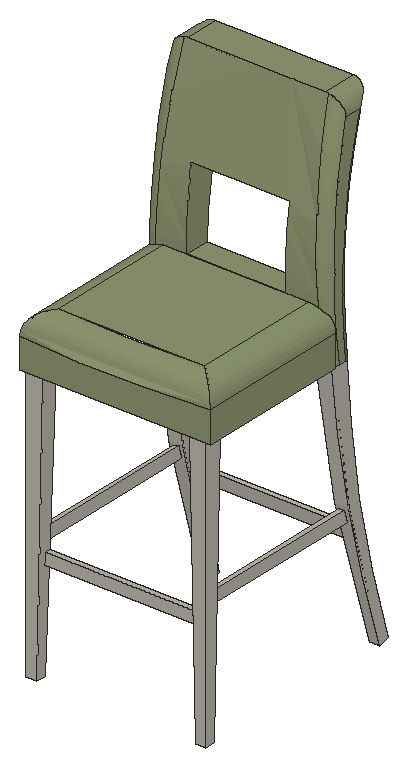
Revit family "Furniture_Chair_PALM BEACH 3.0 WCO", category Furniture, Revit 2020
Family settings
  OmniClass Number = 23.21.23.15.17
  Work Plane-Based = Yes
  Always vertical = No
  Cut with Voids When Loaded = No
  Shared = No
  Room Calculation Point = No
Parameters (values of type "PALM BEACH 3.0 WCO")
  Youtube clip = ""
  Uniformat II Description = "Movable Furnishings"
  Uniformat II Code = ""
  Uniclass 2015 Name = ""
  Uniclass 2015 Code = ""
  Uniclass 2.0 Description = ""
  Uniclass 2.0 Code = ""
  Uniclass 1.4 Description = ""
  Uniclass 1.4 Code = ""
  UNSPSC Code = ""
  Technical description = ""
  Shell Material = Fabric - X2 - Algebra AK005
  Frame Material = Wood - Beech - 7030 Steingrau Grey
  Region South America = "All"
  Region Oceania = "All"
  Region North America = "All"
  Region Middle East = "All"
  Region Europe = "All"
  Region Asia = "All"
  Region Antarctica = "All"
  Region Africa = "All"
  QR code = "https://www.sandlerseating.com/product/palm-beach-3-0-wco/"
  Product url = "https://www.sandlerseating.com/product/palm-beach-3-0-wco/"
  Product name = "PALM BEACH 3.0 WCO"
  Product group = "Chair"
  Product family = "Furniture"
  Product data url = "https://www.sandlerseating.com/product/palm-beach-3-0-wco/"
  Product certification = ""
  Product SKU = "??"
  Product Guid = "??"
  OmniClass Description = ""
  OmniClass Code = "23-21 23 15 17"
  NBS Reference Description = ""
  NBS Reference Code = ""
  Model = "PALM BEACH 3.0 WCO"
  Masterformat 2014 Description = "Chair Mats"
  Masterformat 2014 Code = "12 48 43.13"
  Manufacturer name = "Sandler"
  Manufacturer country = "USA"
  Manufacturer = "Sandler"
  Installation instructions = ""
  IFC Classification = "Furnishing Element"
  GTIN code = ""
  Edition number = 1
  Design country = "Brasil"
  Description = "Chair"
  Default Elevation = 0.000 mm
  Date of publishing = ""
  COBIe Type Category = ""
  Brand url = "https://www.sandlerseating.com/"
  BIMobject main category code = "furniture"
  BIMobject main category = "Furniture"
  BIMobject category code = "furniture-chair"
  BIMobject category = "Chair"
Reference planes
  plane 1 "Center Front/Back": y = 0
  plane 2: z = 0
  plane 3 "Center Left/Right": x = 0
Forms (mm)
  SweptBlend 1, solid, material "Fabric - X2 - Algebra AK005" <- "Shell Material"
    path origin (0, -22.924, 0) x (0, 1, 0) y (0, 0, 1)
      loop
        arc (252.688, 1144.058) -> (179.892, 880.041) -> (170.672, 606.327) r 1166.283
    profile origin (0, 229.764, 1144.058) x (0, 0.926151, -0.377154) y (1, 0, 0)
      loop
        line (25.032, -160.593) -> (25.032, 159.343)
        arc (25.032, 159.343) -> (-12.468, 196.843) -> (-49.968, 159.343) r 37.5
        line (-49.968, 159.343) -> (-49.968, -160.593)
        arc (-49.968, -160.593) -> (-12.468, -198.093) -> (25.032, -160.593) r 37.5
    end profile origin (0, 147.748, 606.327) x (0, 0.996473, 0.08391) y (1, 0, 0)
      loop
        line (24.004, -185.435) -> (24.004, 186.907)
        arc (24.004, 186.907) -> (-0.996, 211.907) -> (-25.996, 186.907) r 25
        line (-25.996, 186.907) -> (-25.996, -185.435)
        arc (-25.996, -185.435) -> (-0.996, -210.435) -> (24.004, -185.435) r 25
  Extrusion 2, void
    sketch origin (0, -22.924, 0) x (1, 0, 0) y (0, 0, 1)
      loop
        line (-210.581, 604.685) -> (-193.956, 1080.764)
        arc (-193.956, 1080.764) -> (-181.766, 1108.142) -> (-153.98, 1119.368) r 40
        line (-153.98, 1119.368) -> (153.98, 1119.368)
        arc (153.98, 1119.368) -> (181.766, 1108.142) -> (193.956, 1080.764) r 40
        line (193.956, 1080.764) -> (210.581, 604.685) -> (250.581, 604.685) -> (250.581, 1184.685) -> (-245.581, 1184.685) -> (-245.581, 604.685) -> (-210.581, 604.685)
    from -290.765 to -117.39
  Extrusion 3, solid, material "Fabric - X2 - Algebra AK005" <- "Shell Material"
    sketch origin (0, -22.924, 840) x (-1, 0, 0) y (0, -1, 0)
      loop
        line (211.903, -144.767) -> (211.903, 201.983)
        arc (211.903, 201.983) -> (0, 211.911) -> (-211.903, 201.983) r 2266.401
        line (-211.903, 201.983) -> (-211.903, -144.767) -> (211.903, -144.767)
    from -230.632 to -111.651
  Sweep 4, void
    path in 3D
      loop
        line (211.903, 185.094, 728.349) -> (211.903, -224.906, 728.349)
        arc (211.903, -224.906, 728.349) -> (0, -234.834, 728.349) -> (-211.903, -224.906, 728.349) r 2266.401
        line (-211.903, -224.906, 728.349) -> (-211.903, 185.094, 728.349)
    profile origin (0, -234.834, 728.349) x (0, -1, 0) y (0, 0, 1)
      loop
        line (0, 0) -> (-50, 0)
        arc (-50, 0) -> (-14.645, -14.645) -> (0, -50) r 50
        line (0, -50) -> (0, 0)
  Extrusion 5, void
    sketch origin (0, -22.924, 0) x (0, 1, 0) y (0, 0, 1)
      loop
        line (133.193, 609.368) -> (133.193, 599.368) -> (208.193, 599.368) -> (208.193, 609.368) -> (133.193, 609.368)
    from -225.633 to 220.543
  SweptBlend 6, solid, material "Wood - Beech - 7030 Steingrau Grey" <- "Frame Material"
    path origin (0, -27.655, 2.393) x (0, 1, 0) y (0, 0, 1)
      loop
        arc (171.051, 621.262) -> (216.053, 301.253) -> (301.426, -10.424) r 2533.419
    profile origin (0, 143.396, 623.655) x (0, 0.997122, 0.075817) y (1, 0, 0)
      loop
        line (21.285, -199.292) -> (21.285, -161.678) -> (-18.715, -161.678) -> (-18.715, -199.292) -> (21.285, -199.292)
    end profile origin (0, 273.771, -8.031) x (0, 0.945659, 0.325159) y (1, 0, 0)
      loop
        line (8.879, -199.07) -> (8.879, -175.254) -> (-13.313, -175.254) -> (-13.313, -199.07) -> (8.879, -199.07)
  SweptBlend 7, solid, material "Wood - Beech - 7030 Steingrau Grey" <- "Frame Material"
    path origin (-0.345, -26.41, 5.249) x (0, 1, 0) y (0, 0, -1)
      loop
        arc (171.051, -621.262) -> (216.053, -301.253) -> (301.426, 10.424) r 2533.419
    profile origin (-0.345, 144.641, 626.511) x (0, -0.997122, -0.075817) y (-1, 0, 0)
      loop
        line (-21.285, -200.158) -> (18.715, -200.158) -> (18.715, -162.544) -> (-21.285, -162.544) -> (-21.285, -200.158)
    end profile origin (-0.345, 275.016, -5.175) x (0, -0.945659, -0.325159) y (-1, 0, 0)
      loop
        line (-8.879, -199.936) -> (13.313, -199.936) -> (13.313, -176.12) -> (-8.879, -176.12) -> (-8.879, -199.936)
  Blend 8, solid, material "Wood - Beech - 7030 Steingrau Grey" <- "Frame Material"
    base sketch origin (0, -22.924, 840) x (-1, 0, 0) y (0, -1, 0)
      loop
        line (200.269, 161.922) -> (200.269, 199.293) -> (163.404, 199.293) -> (163.404, 161.922) -> (200.269, 161.922)
    top sketch origin (0, -22.924, 840) x (-1, 0, 0) y (0, -1, 0)
      loop
        line (177.265, 176.67) -> (200.269, 176.67) -> (200.269, 199.293) -> (177.265, 199.293) -> (177.265, 176.67)
    from -230.632 to -840
  Blend 9, solid, material "Wood - Beech - 7030 Steingrau Grey" <- "Frame Material"
    base sketch origin (0, -22.924, 840) x (1, 0, 0) y (0, 1, 0)
      loop
        line (200.269, -161.922) -> (163.404, -161.922) -> (163.404, -199.293) -> (200.269, -199.293) -> (200.269, -161.922)
    top sketch origin (0, -22.924, 840) x (1, 0, 0) y (0, 1, 0)
      loop
        line (177.265, -176.67) -> (177.265, -199.293) -> (200.269, -199.293) -> (200.269, -176.67) -> (177.265, -176.67)
    from -230.632 to -840
  Extrusion 10, solid, material "Wood - Beech - 7030 Steingrau Grey" <- "Frame Material"
    sketch origin (0, -22.924, 0) x (1, 0, 0) y (0, 0, 1)
      loop
        line (178.477, 294.255) -> (178.477, 267.063) -> (188.151, 267.063) -> (188.151, 294.255) -> (178.477, 294.255)
      loop
        line (-178.477, 294.255) -> (-188.151, 294.255) -> (-188.151, 267.063) -> (-178.477, 267.063) -> (-178.477, 294.255)
    from -219.895 to 174.048
  Extrusion 11, solid, material "Wood - Beech - 7030 Steingrau Grey" <- "Frame Material"
    sketch origin (0, -22.924, 0) x (0, 1, 0) y (0, 0, 1)
      loop
        line (232.7, 251.601) -> (222.883, 249.693) -> (228.841, 219.045) -> (238.657, 220.953) -> (232.7, 251.601)
    from -178.477 to 178.477
  Extrusion 12, solid, material "Wood - Beech - 7030 Steingrau Grey" <- "Frame Material"
    sketch origin (0, -22.924, 0) x (0, 1, 0) y (0, 0, 1)
      loop
        line (-184.288, 253.671) -> (-184.288, 227.175) -> (-172.76, 227.175) -> (-172.76, 253.671) -> (-184.288, 253.671)
    from -178.477 to 178.477
  Extrusion 13, void
    sketch origin (0, -22.924, 0) x (1, 0, 0) y (0, 0, 1)
      loop
        line (110, 908.619) -> (-110, 908.619) -> (-110, 728.619) -> (110, 728.619) -> (110, 908.619)
    from -219.895 to -119.86
Cuts and joins
  Extrusion 2, Extrusion 5, Extrusion 13 cuts SweptBlend 1
  Sweep 4 cuts Extrusion 3
Lines and regions (mm)
  sketch lines
    curve 1: arc (211.903, -224.906, 728.349) -> (0, -234.834, 728.349) -> (-211.903, -224.906, 728.349) r 2266.401
    curve 2: line (211.903, -224.906, 728.349) -> (211.903, 185.094, 728.349)
    curve 3: line (-211.903, 185.094, 728.349) -> (-211.903, -224.906, 728.349)
Dimensions and locks
  aligned and locked: level to plane 2
